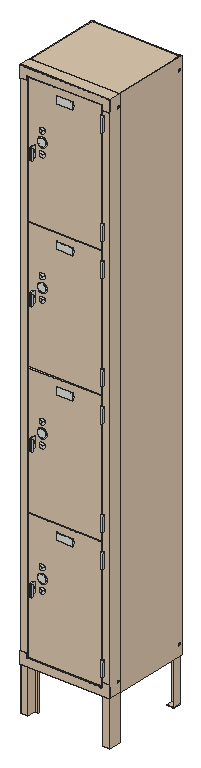
Revit family "Metal_Vented_Lockers-Salsbury_Industries-74000_Series-1_Wide_Units", category Specialty Equipment, Revit 2026
Family settings
  Round Connector Dimension = Use Diameter
  Part Type = Normal
  Classification Number = 23.40.00.00
  Work Plane-Based = No
  Enable Cutting in Views = No
  Always vertical = Yes
  Cut with Voids When Loaded = No
  Maintain Annotation Orientation = No
  Shared = No
  Room Calculation Point = No
Parameters (values of type "74162 - with Standard 6" High Legs")
  Zee Base Corner - Right Side [instance] = Metal Locker Zee Base Corner : None
  Zee Base Corner - Left Side [instance] = Metal Locker Zee Base Corner : None
  Zee Base - Right Side [instance] = Metal Locker Zee Base-Right Side : None
  Zee Base - Left Side [instance] = Metal Locker Zee Base-Left Side : None
  Zee Base = Metal Locker Zee Base : None
  Width = 12.040"
  Version = "2.0 (01/30/18)"
  Vent Offset = if(Depth = 12.010", 3.250", if(Depth = 15.010", 3.500", if(Depth = 18.010", 3.750", 0.000")))  # 3.250"
  Vent Configuration Height = Vents : 6 foot high vents
  Vent Array Spacing = 1.187"
  Vent Array 2 = if(Depth = 12.010", 5, if(Depth = 15.010", 7, if(Depth = 18.010", 9, 0)))  # 5
  Vent Array 1 = Vent Array 2 + 1  # 6
  Unit Height including Sloping Hood Only [instance] = 78.625"
  Unit Height = 72.000"
  URL = "www.lockers.com"
  Type Comments = "12\" Wide Vented Metal Locker - Four Tier"
  Total Door(s) Height [instance] = 69.81949"
  Test Data = "https://www.lockers.com/videolibrary/"
  Specification = "https://www.lockers.com/architect-resources//"
  Sloping Top In-Line Filler - Right Side [instance] = Metal Locker Sloping Top Filler : None
  Sloping Top In-Line Filler - Left Side [instance] = Metal Locker Sloping Top Filler : None
  Sloping Top Corner Filler - Right Side [instance] = Metal Locker Sloping Corner Filler : None
  Sloping Top Corner Filler - Left Side [instance] = Metal Locker Sloping Corner Filler : None
  Sloping Hood Height = if(Depth = 12.010", 6.625", if(Depth = 15.010", 8.682", if(Depth = 18.010", 10.739", 0.000")))  # 6.625"
  Sloping Hood [instance] = Metal Locker Sloping Hood : None
  Sales Information = "https://www.lockers.com/request_a_quote/"
  Right Side Base [instance] = Metal Locker Right Side Base : None
  Revision = "R1_2018-10"
  Product Data = "https://www.lockers.com/downloads__catalog/"
  Primary Structure Material [instance] = Steel - Salsbury Finish = Tan
  Overall Width including Rivets [instance] = 12.120"
  Unit Height including Base Only [instance] = 78.000"
  Overall Unit Height (including Base and Sloping Hood) [instance] = 84.625"
  OmniClass 23 Title = "Equipment and Furnishings"
  OmniClass 23 Number = "23.40.00.00"
  Model = "74162"
  MasterFormat Title = "Lockers"
  MasterFormat Number = "10 51 13"
  Manufacturer Website = "https://www.lockers.com/"
  Manufacturer Phone - Toll Free = "1-800-562-5377"
  Manufacturer Phone = "(323) 846-6700"
  Manufacturer Fax = "1-800-562-5399"
  Manufacturer Address = "1010 East 62nd Street, Los Angeles, CA 90001-1598"
  Manufacturer = "Salsbury Industries"
  Left Side Base [instance] = Metal Locker Left Side Base : None
  Keynote = "10 51 00"
  Installation-Fabrication = "https://www.lockers.com/downloads__installation_instructions/"
  Individual Door Height = 17.360"
  Hasp Plate Rivet Material = Steel -Salsbury Finish =  Polished Steel
  Hasp Handle Material = Plastic - Salsbury Finish - Black
  Green Building-LEED = "https://www.arcat.com/green/green_building.shtml"
  Front Vertical Filler - Right [instance] = Metal Locker Front Filler : None
  Front Vertical Filler - Left [instance] = Metal Locker Front Filler : None
  Front Base [instance] = Metal Locker Front Base : None
  Flat Top In-Line Filler - Right Side [instance] = Metal Locker Flat Top Filler : None
  Flat Top In-Line Filler - Left Side [instance] = Metal Locker Flat Top Filler : None
  Flat Top Corner Filler - Right Side [instance] = Metal Locker Flat Corner Filler : None
  Flat Top Corner Filler - Left Side [instance] = Metal Locker Flat Corner Filler : None
  Individual Door Width [instance] = 9.90055"
  End Panel - Right Side [instance] = Metal Locker End Panel : None
  End Panel - Left Side [instance] = Metal Locker End Panel : None
  Drawn By = ""
  Door Location D1 = Vented Metal Locker Doors-12 inch with Latch Hasps : Four Tier Door - 6 foot
  Description = "1 Wide - 6 Feet High - 12 Inches Deep"
  Depth = 12.010"
  Default Elevation = 0.000"
  Copyright = ""
  Construction Details = "https://www.lockers.com/downloads__catalog/"
  Compartment Divider Height = Individual Door Height - 0.375"  # 16.985"
  Category = ""
  Building Codes = "https://www.lockers.com/downloads__forms_and_information/"
  Base Height = 6.000"
  Standard Leg Base = Metal Locker Legs : 6" High - 12" W x 12" D
  Assembly Code = "C1030310"
Reference planes (in)
  plane 1 "Center (Front/Back)": y = 0
  plane 2: z = 0
  plane 3 "Center (Left/Right)": x = 0
  plane 4 "Floor": z = 0
  plane 5 "Bottom of Unit": z = 6
  plane 6 "Top of Unit": z = 78
  plane 7 "Left Side of Unit": x = -6.02
  plane 8 "Right Side of Unit": x = 6.02
  plane 9 "Back of Unit": y = 6.005
  plane 10 "Front of Unit": y = -6.005
  plane 11 "Top of Sloping Hood": z = 84.625
  plane 12 "Left Rivet": x = -6.06
  plane 13 "Right Rivet": x = 6.06
  plane 14 "Right Side of Door Opening": x = 5.02
  plane 15 "Left Side of Door Opening": x = -5.02
  plane 16 "Top of Door Opening": z = 77
  plane 17 "Bottom of Door Opening": z = 7
  plane 18 "Back Edge of Front Facing": y = -4.417
  plane 19 "Front Plate Plane": y = -6.065
  plane 20 "Horizontal Center of Top Rivets": z = 76.5
  plane 21 "Horiz Center of Bottom Rivets": z = 7.5
  plane 22 "Vertical Center of Back Rivets": y = 5.505
  plane 23 "Vertical Center of Front Rivets": y = -4.755
  plane 24 "Right Align Top Filler Overlap": x = 5.435
  plane 25 "Left Align Top Filler Overlap": x = -5.435
  plane 26 "Corner Filler Align-Left": x = -6.08
  plane 27 "Corner Filler Align-Right": x = 6.08
  plane 28 "Left Side of Door": x = -4.95029
  plane 29 "Right Side of Door": x = 4.95026
  plane 30 "Top of Door 1": z = 76.90976
  plane 31 "Bottom of Bottom Door": z = 7.09027
  plane 32 "Zee Base Offset": x = -5.669
  plane 33: x = 5.669
  plane 34 "Compartment Align 3": z = 24.985
  plane 35: x = -5.96
  plane 36: x = 5.96
  plane 37: x = -5.635
  plane 38: x = 5.635
  plane 39: y = 5.945
  plane 40: y = 5.895
  plane 41: y = 5.145
  plane 42: x = -5.9
  plane 43: x = 5.9
  plane 44: x = -5.095
  plane 45: x = 5.095
  plane 46: z = 77.94
  plane 47: z = 24.925
  plane 48: z = 23.985
  plane 49: z = 6.9204
  plane 50: z = 6.18539
  plane 51: z = 76.40796
  plane 52: z = 7.59204
  plane 53: z = 23.985
  plane 54: z = 24.45027
  plane 55: z = 24.57576
  plane 56: z = 41.93576
  plane 57: z = 42.06276
  plane 58: z = 41.43527
  plane 59: z = 42.37527
  plane 60 "Compartment Align 2": z = 42.43527
  plane 61: z = 53.72076
  plane 62: z = 59.42276
  plane 63: z = 59.54976
  plane 64: z = 58.92076
  plane 65: z = 59.86076
  plane 66 "Compartment Align 1": z = 59.92076
  plane 67: z = 71.20625
  plane 68 "Front Vent Align": y = -2.755
  plane 69: y = -2.385
  plane 70: y = -1.791
  plane 71 "Top Vent Align": z = 73.562
  plane 72: z = 72.81
  plane 73: z = 71.97
Forms (in)
  Sweep 1, solid, material "Steel - Salsbury Finish = Tan" <- "Primary Structure Material"
    path origin (0, -6.005, 0) x (1, 0, 0) y (0, 0, 1)
      loop
        line (-6.02, 78) -> (-6.02, 6) -> (6.02, 6) -> (6.02, 78) -> (-6.02, 78)
    profile origin (0, -6.005, 78) x (0, 0, 1) y (0, -1, 0)
      loop
        line (0, 0) -> (-1, 0) -> (-1, -1.588) -> (0, -1.588) -> (0, 0)
  Extrusion 2, solid, material "Steel - Salsbury Finish = Tan" <- "Primary Structure Material"
    sketch origin (0, 0, 6) x (0, -1, 0) y (1, 0, 0)
      loop
        line (4.417, 6.02) -> (-6.005, 6.02) -> (-6.005, 5.635) -> (-5.945, 5.635) -> (-5.945, 5.96) -> (4.417, 5.96) -> (4.417, 6.02)
    from 0 to 72
  Extrusion 3, solid, material "Steel - Salsbury Finish = Tan" <- "Primary Structure Material"
    sketch origin (0, 0, 6) x (0, -1, 0) y (1, 0, 0)
      loop
        line (4.417, -6.02) -> (4.417, -5.96) -> (-5.945, -5.96) -> (-5.945, -5.635) -> (-6.005, -5.635) -> (-6.005, -6.02) -> (4.417, -6.02)
    from 0 to 72
  Extrusion 4, solid, material "Steel - Salsbury Finish = Tan" <- "Primary Structure Material"
    sketch origin (0, 0, 6) x (0, -1, 0) y (1, 0, 0)
      loop
        line (-5.945, -5.96) -> (-5.145, -5.96) -> (-5.145, -5.9) -> (-5.895, -5.9) -> (-5.895, 5.9) -> (-5.145, 5.9) -> (-5.145, 5.96) -> (-5.945, 5.96) -> (-5.945, -5.96)
    from 0 to 72
  Sweep 5, solid, material "Steel - Salsbury Finish = Tan" <- "Primary Structure Material"
    path origin (0, 0, 7) x (0, -1, 0) y (1, 0, 0)
      loop
        line (4.417, -5.96) -> (4.417, 5.96) -> (-5.145, 5.96) -> (-5.145, 5.9) -> (-5.895, 5.9) -> (-5.895, -5.9) -> (-5.145, -5.9) -> (-5.145, -5.96) -> (4.417, -5.96)
    profile origin (-5.96, 0.364, 7) x (-1, 0, 0) y (0, 0, 1)
      loop
        line (0, -0.81461) -> (0, -0.0796) -> (-0.06, -0.0796) -> (-0.06, -0.81461) -> (0, -0.81461)
  Extrusion 6, solid, material "Steel - Salsbury Finish = Tan" <- "Primary Structure Material"
    sketch origin (0, 0, 7) x (0, -1, 0) y (1, 0, 0)
      loop
        line (-5.895, -5.9) -> (-5.145, -5.9) -> (-5.145, -5.96) -> (4.417, -5.96) -> (4.417, 5.96) -> (-5.145, 5.96) -> (-5.145, 5.9) -> (-5.895, 5.9) -> (-5.895, -5.9)
    from -0.0796 to 0
  Extrusion 7, solid, material "Steel - Salsbury Finish = Tan" <- "Primary Structure Material"
    sketch origin (0, 0, 78) x (0, -1, 0) y (1, 0, 0)
      loop
        line (-5.895, -5.9) -> (-5.145, -5.9) -> (-5.145, -5.96) -> (4.417, -5.96) -> (4.417, 5.96) -> (-5.145, 5.96) -> (-5.145, 5.9) -> (-5.895, 5.9) -> (-5.895, -5.9)
    from -0.06 to 0
  Extrusion 8, solid, material "Steel - Salsbury Finish = Tan" <- "Primary Structure Material"
    sketch origin (0, -6.065, 0) x (0, 0, -1) y (1, 0, 0)
      loop
        line (-78, -6.02) -> (-76.47656, -6.02)
        arc (-76.47656, -6.02) -> (-76.42806, -5.99991) -> (-76.40796, -5.9514) r 0.0686
        line (-76.40796, -5.9514) -> (-76.40796, -5.16351)
        arc (-76.40796, -5.16351) -> (-76.42809, -5.11506) -> (-76.47656, -5.095) r 0.0686
        line (-76.47656, -5.095) -> (-77, -5.095) -> (-77, 5.095) -> (-76.47656, 5.095)
        arc (-76.47656, 5.095) -> (-76.42809, 5.11506) -> (-76.40796, 5.16351) r 0.0686
        line (-76.40796, 5.16351) -> (-76.40796, 5.9514)
        arc (-76.40796, 5.9514) -> (-76.42806, 5.99991) -> (-76.47656, 6.02) r 0.0686
        line (-76.47656, 6.02) -> (-78, 6.02) -> (-78, -6.02)
    from -0.06 to 0
  Extrusion 9, solid, material "Steel - Salsbury Finish = Tan" <- "Primary Structure Material"
    sketch origin (0, -6.065, 84) x (0, 0, 1) y (-1, 0, 0)
      loop
        line (-78, 6.02) -> (-78, -6.02) -> (-76.47656, -6.02)
        arc (-76.47656, -6.02) -> (-76.42806, -5.99991) -> (-76.40796, -5.9514) r 0.0686
        line (-76.40796, -5.9514) -> (-76.40796, -5.16351)
        arc (-76.40796, -5.16351) -> (-76.42809, -5.11506) -> (-76.47656, -5.095) r 0.0686
        line (-76.47656, -5.095) -> (-77, -5.095) -> (-77, 5.095) -> (-76.47656, 5.095)
        arc (-76.47656, 5.095) -> (-76.42809, 5.11506) -> (-76.40796, 5.16351) r 0.0686
        line (-76.40796, 5.16351) -> (-76.40796, 5.9514)
        arc (-76.40796, 5.9514) -> (-76.42806, 5.99991) -> (-76.47656, 6.02) r 0.0686
        line (-76.47656, 6.02) -> (-78, 6.02)
    from -0.06 to 0
  Blend 10, solid, material "Steel -Salsbury Finish =  Polished Steel" <- "Hasp Plate Rivet Material"
    base sketch origin (6.02, 0, 0) x (0, 0, -1) y (0, -1, 0)
      loop
        circle (-76.5, 4.755) r 0.187
    top sketch origin (6.02, 0, 0) x (0, 0, -1) y (0, -1, 0)
      loop
        circle (-76.5, 4.755) r 0.05319
    from 0 to -0.04
  Blend 11, solid, material "Steel -Salsbury Finish =  Polished Steel" <- "Hasp Plate Rivet Material"
    base sketch origin (6.02, 0, -69) x (0, 0, -1) y (0, -1, 0)
      loop
        circle (-76.5, 4.755) r 0.187
    top sketch origin (6.02, 0, -69) x (0, 0, -1) y (0, -1, 0)
      loop
        circle (-76.5, 4.755) r 0.05319
    from 0 to -0.04
  Blend 12, solid, material "Steel -Salsbury Finish =  Polished Steel" <- "Hasp Plate Rivet Material"
    base sketch origin (6.02, 10.26, -69) x (0, 0, -1) y (0, -1, 0)
      loop
        circle (-76.5, 4.755) r 0.187
    top sketch origin (6.02, 10.26, -69) x (0, 0, -1) y (0, -1, 0)
      loop
        circle (-76.5, 4.755) r 0.05319
    from 0 to -0.04
  Blend 13, solid, material "Steel -Salsbury Finish =  Polished Steel" <- "Hasp Plate Rivet Material"
    base sketch origin (6.02, 10.26, 0.0043) x (0, 0, -1) y (0, -1, 0)
      loop
        circle (-76.5, 4.755) r 0.187
    top sketch origin (6.02, 10.26, 0.0043) x (0, 0, -1) y (0, -1, 0)
      loop
        circle (-76.5, 4.755) r 0.05319
    from 0 to -0.04
  Blend 14, solid, material "Steel -Salsbury Finish =  Polished Steel" <- "Hasp Plate Rivet Material"
    base sketch origin (-6.02, 0, -69) x (0, 0, -1) y (0, 1, 0)
      loop
        circle (-76.5, -4.755) r 0.187
    top sketch origin (-6.02, 0, -69) x (0, 0, -1) y (0, 1, 0)
      loop
        circle (-76.5, -4.755) r 0.05319
    from 0 to -0.04
  Blend 15, solid, material "Steel -Salsbury Finish =  Polished Steel" <- "Hasp Plate Rivet Material"
    base sketch origin (-6.02, 10.26, -69) x (0, 0, -1) y (0, 1, 0)
      loop
        circle (-76.5, -4.755) r 0.187
    top sketch origin (-6.02, 10.26, -69) x (0, 0, -1) y (0, 1, 0)
      loop
        circle (-76.5, -4.755) r 0.05319
    from 0 to -0.04
  Blend 16, solid, material "Steel -Salsbury Finish =  Polished Steel" <- "Hasp Plate Rivet Material"
    base sketch origin (-6.02, 0, 0) x (0, 0, -1) y (0, 1, 0)
      loop
        circle (-76.5, -4.755) r 0.187
    top sketch origin (-6.02, 0, 0) x (0, 0, -1) y (0, 1, 0)
      loop
        circle (-76.5, -4.755) r 0.05319
    from 0 to -0.04
  Blend 17, solid, material "Steel -Salsbury Finish =  Polished Steel" <- "Hasp Plate Rivet Material"
    base sketch origin (-6.02, 10.26, 0.00039) x (0, 0, -1) y (0, 1, 0)
      loop
        circle (-76.5, -4.755) r 0.187
    top sketch origin (-6.02, 10.26, 0.00039) x (0, 0, -1) y (0, 1, 0)
      loop
        circle (-76.5, -4.755) r 0.05319
    from 0 to -0.04
  Extrusion 18, solid, material "Steel - Salsbury Finish = Tan" <- "Primary Structure Material"
    sketch origin (0, 0, 24.985) x (0, -1, 0) y (1, 0, 0)
      loop
        line (-5.895, -5.9) -> (-5.145, -5.9) -> (-5.145, -5.96) -> (4.417, -5.96) -> (4.417, 5.96) -> (-5.145, 5.96) -> (-5.145, 5.9) -> (-5.895, 5.9) -> (-5.895, -5.9)
    from -0.06 to 0
  Sweep 19, solid, material "Steel - Salsbury Finish = Tan" <- "Primary Structure Material"
    path origin (0, 0, 24.985) x (0, -1, 0) y (1, 0, 0)
      loop
        line (4.417, -5.96) -> (4.417, 5.96) -> (-5.145, 5.96) -> (-5.145, 5.9) -> (-5.895, 5.9) -> (-5.895, -5.9) -> (-5.145, -5.9) -> (-5.145, -5.96) -> (4.417, -5.96)
    profile origin (-5.96, 0.364, 24.985) x (-1, 0, 0) y (0, 0, 1)
      loop
        line (0, -1) -> (0, -0.06) -> (-0.06, -0.06) -> (-0.06, -1) -> (0, -1)
  Extrusion 20, solid, material "Steel - Salsbury Finish = Tan" <- "Primary Structure Material"
    sketch origin (0, 0, 54.72076) x (0, -1, 0) y (1, 0, 0)
      loop
        line (-5.895, -5.9) -> (-5.145, -5.9) -> (-5.145, -5.96) -> (4.417, -5.96) -> (4.417, 5.96) -> (-5.145, 5.96) -> (-5.145, 5.9) -> (-5.895, 5.9) -> (-5.895, -5.9)
    from -12.34549 to -12.28549
  Sweep 21, solid, material "Steel - Salsbury Finish = Tan" <- "Primary Structure Material"
    path origin (0, 0, 42.43527) x (0, -1, 0) y (1, 0, 0)
      loop
        line (4.417, -5.96) -> (4.417, 5.96) -> (-5.145, 5.96) -> (-5.145, 5.9) -> (-5.895, 5.9) -> (-5.895, -5.9) -> (-5.145, -5.9) -> (-5.145, -5.96) -> (4.417, -5.96)
    profile origin (-5.96, 0.364, 42.43527) x (-1, 0, 0) y (0, 0, 1)
      loop
        line (0, -1) -> (0, -0.06) -> (-0.06, -0.06) -> (-0.06, -1) -> (0, -1)
  Extrusion 22, solid, material "Steel - Salsbury Finish = Tan" <- "Primary Structure Material"
    sketch origin (0, 0, 59.92076) x (0, -1, 0) y (1, 0, 0)
      loop
        line (-5.895, -5.9) -> (-5.145, -5.9) -> (-5.145, -5.96) -> (4.417, -5.96) -> (4.417, 5.96) -> (-5.145, 5.96) -> (-5.145, 5.9) -> (-5.895, 5.9) -> (-5.895, -5.9)
    from -0.06 to 0
  Sweep 23, solid, material "Steel - Salsbury Finish = Tan" <- "Primary Structure Material"
    path origin (0, 0, 59.92076) x (0, -1, 0) y (1, 0, 0)
      loop
        line (4.417, -5.96) -> (4.417, 5.96) -> (-5.145, 5.96) -> (-5.145, 5.9) -> (-5.895, 5.9) -> (-5.895, -5.9) -> (-5.145, -5.9) -> (-5.145, -5.96) -> (4.417, -5.96)
    profile origin (-5.96, 0.364, 59.92076) x (-1, 0, 0) y (0, 0, 1)
      loop
        line (0, -1) -> (0, -0.06) -> (-0.06, -0.06) -> (-0.06, -1) -> (0, -1)
Lines and regions (in)
  reference lines
    curve 1: line (-29.59242, -6.065, 78) -> (36.15758, -6.065, 78)
  symbolic lines
    curve 2: line (-6.02, 6.005, 78) -> (6.02, 6.005, 78)
    curve 3: line (-6.02, -6.065, 78) -> (-6.02, 6.005, 78)
    curve 4: line (6.02, -6.065, 78) -> (-6.02, -6.065, 78)
    curve 5: line (6.02, 6.005, 78) -> (6.02, -6.065, 78)
    curve 6: line (-6.06, -4.80819, 78) -> (-6.02, -4.91809, 78)
    curve 7: line (-6.02, -4.58043, 78) -> (-6.06, -4.70181, 78)
    curve 8: line (-6.06, -4.80819, 78) -> (-6.06, -4.70181, 78)
    curve 9: line (-6.06, 5.45181, 78) -> (-6.02, 5.31077, 78)
    curve 10: line (-6.06, 5.55819, 78) -> (-6.02, 5.68474, 78)
    curve 11: line (-6.06, 5.55819, 78) -> (-6.06, 5.45181, 78)
    curve 12: line (6.06, 5.55819, 78) -> (6.02, 5.70747, 78)
    curve 13: line (6.06, 5.45181, 78) -> (6.02, 5.3179, 78)
    curve 14: line (6.06, 5.55819, 78) -> (6.06, 5.45181, 78)
    curve 15: line (6.06, -4.70181, 78) -> (6.02, -4.57098, 78)
    curve 16: line (6.06, -4.80819, 78) -> (6.02, -4.94769, 78)
    curve 17: line (6.06, -4.70181, 78) -> (6.06, -4.80819, 78)
Dimensions and locks (in)
  equal spacing: plane 7 "Left Side of Unit", plane 3 "Center (Left/Right)", plane 8 "Right Side of Unit"
  "Width": plane 7 "Left Side of Unit" to plane 8 "Right Side of Unit"
  "Base Height": plane 5 "Bottom of Unit" to plane 4 "Floor"
  "Unit Height": plane 6 "Top of Unit" to plane 5 "Bottom of Unit"
  "Unit Height including Base Only": plane 6 "Top of Unit" to plane 4 "Floor"
  equal spacing: plane 10 "Front of Unit", plane 1 "Center (Front/Back)", plane 9 "Back of Unit"
  "Depth": plane 10 "Front of Unit" to plane 9 "Back of Unit"
  "Sloping Hood Height": plane 11 "Top of Sloping Hood" to plane 6 "Top of Unit"
  "Overall Unit Height (including Base and Sloping Hood)": plane 11 "Top of Sloping Hood" to plane 4 "Floor"
  locked: plane 12 "Left Rivet" to plane 7 "Left Side of Unit" at 0.04
  locked: plane 8 "Right Side of Unit" to plane 13 "Right Rivet" at 0.04
  "Overall Width including Rivets": plane 12 "Left Rivet" to plane 13 "Right Rivet"
  plane 6 "Top of Unit" to plane 16 "Top of Door Opening" to plane 30 "Top of Door 1" to plane 51 = 1.000" locked, 0.09024", 0.5018"
  plane 52 to plane 31 "Bottom of Bottom Door" to plane 17 "Bottom of Door Opening" to plane 5 "Bottom of Unit" = 0.50177", 0.09027", 1.000" locked
  plane 7 "Left Side of Unit" to plane 15 "Left Side of Door Opening" to plane 28 "Left Side of Door" = 1.000" locked, 0.06971"
  plane 29 "Right Side of Door" to plane 14 "Right Side of Door Opening" to plane 8 "Right Side of Unit" = 0.06974", 1.000" locked
  plane 19 "Front Plate Plane" to plane 10 "Front of Unit" to plane 18 "Back Edge of Front Facing" = 0.060" locked, 1.588" locked
  "Unit Height including Sloping Hood Only": plane 11 "Top of Sloping Hood" to plane 5 "Bottom of Unit"
  locked: plane 20 "Horizontal Center of Top Rivets" to plane 6 "Top of Unit" at 1.5
  locked: plane 5 "Bottom of Unit" to plane 21 "Horiz Center of Bottom Rivets" at 1.5
  locked: plane 22 "Vertical Center of Back Rivets" to plane 9 "Back of Unit" at 0.5
  locked: plane 10 "Front of Unit" to plane 23 "Vertical Center of Front Rivets" at 1.25
  locked: plane 24 "Right Align Top Filler Overlap" to plane 13 "Right Rivet" at 0.625
  locked: plane 12 "Left Rivet" to plane 25 "Left Align Top Filler Overlap" at 0.625
  locked: plane 8 "Right Side of Unit" to plane 27 "Corner Filler Align-Right" at 0.06
  locked: plane 26 "Corner Filler Align-Left" to plane 7 "Left Side of Unit" at 0.06
  "Individual Door Width": plane 28 "Left Side of Door" to plane 29 "Right Side of Door"
  "Total Door(s) Height": plane 30 "Top of Door 1" to plane 31 "Bottom of Bottom Door"
  plane 7 "Left Side of Unit" to plane 32 "Zee Base Offset" = 0.351"
  plane 33 to plane 8 "Right Side of Unit" = 0.351"
  plane 34 "Compartment Align 3" to plane 47 to plane 53 = 0.060" locked, 0.940" locked
  plane 7 "Left Side of Unit" to plane 35 to plane 42 to plane 37 = 0.060" locked, 0.060" locked, 0.265" locked
  plane 38 to plane 43 to plane 36 to plane 8 "Right Side of Unit" = 0.265" locked, 0.060", 0.060"
  plane 41 to plane 40 to plane 39 to plane 9 "Back of Unit" = 0.750" locked, 0.050", 0.060"
  locked: plane 7 "Left Side of Unit" to plane 44 at 0.925
  locked: plane 45 to plane 8 "Right Side of Unit" at 0.925
  locked: plane 6 "Top of Unit" to plane 46 at 0.06
  plane 47 to plane 48 = 0.940"
  locked: plane 17 "Bottom of Door Opening" to plane 49 at 0.0796
  plane 49 to plane 50 = 0.73501"
  "Compartment Divider Height": plane 53 to plane 17 "Bottom of Door Opening"
  "Individual Door Height": plane 54 to plane 31 "Bottom of Bottom Door"
  locked: plane 55 to plane 54 at 0.12549
  locked: plane 57 to plane 56 at 0.127
  "Individual Door Height": plane 56 to plane 55
  plane 60 "Compartment Align 2" to plane 59 to plane 58 = 0.060" locked, 0.940" locked
  locked: plane 63 to plane 62 at 0.127
  "Individual Door Height": plane 62 to plane 57
  "Compartment Divider Height": plane 58 to plane 54
  "Compartment Divider Height": plane 64 to plane 56
  plane 66 "Compartment Align 1" to plane 65 to plane 64 = 0.060", 0.940"
  plane 71 "Top Vent Align" to plane 6 "Top of Unit" = 4.438"
  plane 73 to plane 72 to plane 71 "Top Vent Align" = 0.840", 0.752"
  "Vent Offset": plane 10 "Front of Unit" to plane 68 "Front Vent Align"
  plane 68 "Front Vent Align" to plane 69 to plane 70 = 0.370" locked, 0.594" locked
  equal spacing: group 1, group 2, group 3, group 4, group 5, group 6  (x3)
  equal spacing: group 7, group 8, group 9, group 10, group 11  (x3)
  "Vent Array Spacing": nested 27 to nested 29
  "Vent Array Spacing": nested 28 to nested 34
  equal spacing: group 12, group 13, group 14, group 15, group 16, group 22  (x3)
  equal spacing: group 17, group 18, group 19, group 20, group 21  (x3)
  "Vent Array Spacing": nested 40 to nested 38
  "Vent Array Spacing": nested 44 to nested 39
  aligned and locked: level to plane 2
  aligned and locked: Extrusion 2 to plane 6 "Top of Unit"
  aligned and locked: Extrusion 3 to plane 6 "Top of Unit"
  aligned and locked: Extrusion 4 to plane 6 "Top of Unit"
  aligned and locked: Extrusion 8 to plane 10 "Front of Unit"
  aligned and locked: Extrusion 9 to plane 10 "Front of Unit"
  aligned and locked: Extrusion 6 to plane 17 "Bottom of Door Opening"
  aligned and locked: plane 4 "Floor" to nested 2
  aligned and locked: plane 5 "Bottom of Unit" to Extrusion 9
  aligned and locked: plane 8 "Right Side of Unit" to nested 6
  aligned and locked: plane 7 "Left Side of Unit" to nested 7
  aligned and locked: Blend 10 to plane 13 "Right Rivet"
  aligned and locked: plane 8 "Right Side of Unit" to Blend 10
  aligned and locked: Blend 15 to plane 7 "Left Side of Unit"
  aligned and locked: Blend 14 to plane 7 "Left Side of Unit"  (x2)
  aligned and locked: plane 12 "Left Rivet" to Blend 14
  aligned and locked: plane 12 "Left Rivet" to Blend 15
  aligned and locked: Blend 14 to plane 12 "Left Rivet"
  aligned and locked: Blend 17 to plane 7 "Left Side of Unit"
  aligned and locked: plane 12 "Left Rivet" to Blend 17
  aligned and locked: Blend 16 to plane 7 "Left Side of Unit"
  aligned and locked: plane 12 "Left Rivet" to Blend 16
  aligned and locked: plane 5 "Bottom of Unit" to nested 10
  aligned and locked: plane 13 "Right Rivet" to nested 10
  aligned and locked: plane 12 "Left Rivet" to nested 11
  aligned and locked: nested 11 to plane 10 "Front of Unit"
  aligned and locked: plane 13 "Right Rivet" to nested 12
  aligned and locked: plane 10 "Front of Unit" to nested 12
  aligned and locked: plane 6 "Top of Unit" to nested 12
  aligned and locked: plane 12 "Left Rivet" to nested 13
  aligned and locked: plane 10 "Front of Unit" to nested 13
  aligned and locked: plane 6 "Top of Unit" to nested 13
  aligned and locked: plane 6 "Top of Unit" to nested 14
  aligned and locked: nested 14 to plane 19 "Front Plate Plane"
  aligned and locked: nested 14 to plane 24 "Right Align Top Filler Overlap"
  aligned and locked: nested 15 to plane 25 "Left Align Top Filler Overlap"
  aligned and locked: nested 15 to plane 19 "Front Plate Plane"
  aligned and locked: nested 10 to nested 15
  aligned and locked: plane 19 "Front Plate Plane" to nested 16
  aligned and locked: plane 6 "Top of Unit" to nested 16
  aligned and locked: nested 17 to plane 6 "Top of Unit"
  aligned and locked: nested 17 to plane 19 "Front Plate Plane"
  aligned and locked: plane 19 "Front Plate Plane" to nested 18
  aligned and locked: nested 19 to plane 24 "Right Align Top Filler Overlap"
  aligned and locked: nested 19 to plane 19 "Front Plate Plane"
  aligned and locked: plane 16 "Top of Door Opening" to nested 19
  aligned and locked: nested 20 to plane 16 "Top of Door Opening"
  aligned and locked: nested 20 to plane 25 "Left Align Top Filler Overlap"
  aligned and locked: nested 20 to plane 19 "Front Plate Plane"
  aligned and locked: nested 11 to plane 6 "Top of Unit"
  aligned and locked: plane 10 "Front of Unit" to nested 10
  aligned and locked: plane 10 "Front of Unit" to nested 23
  aligned and locked: plane 10 "Front of Unit" to nested 1
  aligned and locked: plane 10 "Front of Unit" to nested 2
  aligned and locked: plane 6 "Top of Unit" to nested 18
  aligned and locked: plane 7 "Left Side of Unit" to nested 17
  aligned and locked: plane 32 "Zee Base Offset" to nested 9
  aligned and locked: plane 18 "Back Edge of Front Facing" to nested 9
  aligned and locked: nested 8 to plane 18 "Back Edge of Front Facing"
  aligned and locked: plane 33 to nested 8
  aligned and locked: plane 8 "Right Side of Unit" to nested 21
  aligned and locked: nested 22 to plane 7 "Left Side of Unit"
  aligned and locked: nested 22 to curve 1
  aligned and locked: nested 21 to curve 1
  aligned and locked: Sweep 19 sketch curve to Extrusion 18
  aligned and locked: plane 7 "Left Side of Unit" to Extrusion 3
  aligned and locked: Extrusion 3 to plane 9 "Back of Unit"
  aligned and locked: Extrusion 2 to plane 8 "Right Side of Unit"
  aligned and locked: Extrusion 2 to plane 9 "Back of Unit"
  aligned and locked: plane 18 "Back Edge of Front Facing" to Extrusion 3
  aligned and locked: plane 18 "Back Edge of Front Facing" to Extrusion 2
  aligned and locked: plane 35 to Extrusion 3
  aligned and locked: plane 36 to Extrusion 2
  aligned and locked: plane 37 to Extrusion 3
  aligned and locked: plane 38 to Extrusion 2
  aligned and locked: plane 39 to Extrusion 3
  aligned and locked: plane 39 to Extrusion 2
  aligned and locked: Extrusion 4 to plane 39
  aligned and locked: plane 40 to Extrusion 4
  aligned and locked: plane 35 to Extrusion 4
  aligned and locked: plane 41 to Extrusion 4  (x2)
  aligned and locked: plane 42 to Extrusion 4
  aligned and locked: plane 43 to Extrusion 4
  aligned and locked: Extrusion 7 to plane 40
  aligned and locked: plane 42 to Extrusion 7
  aligned and locked: plane 35 to Extrusion 7  (x2)
  aligned and locked: Extrusion 7 to plane 41  (x2)
  aligned and locked: Extrusion 7 to plane 43
  aligned and locked: Extrusion 7 to plane 36  (x2)
  aligned and locked: plane 18 "Back Edge of Front Facing" to Extrusion 7
  aligned and locked: plane 18 "Back Edge of Front Facing" to Extrusion 6
  aligned and locked: Extrusion 6 to plane 40
  aligned and locked: Extrusion 6 to plane 43
  aligned and locked: Extrusion 6 to plane 41  (x2)
  aligned and locked: Extrusion 6 to plane 36
  aligned and locked: plane 42 to Extrusion 6
  aligned and locked: plane 35 to Extrusion 6
  aligned and locked: Sweep 5 to plane 40
  aligned and locked: Sweep 5 to plane 41  (x2)
  aligned and locked: Sweep 5 to plane 43
  aligned and locked: Sweep 5 to plane 36
  aligned and locked: plane 18 "Back Edge of Front Facing" to Sweep 5
  aligned and locked: plane 35 to Sweep 5
  aligned and locked: plane 42 to Sweep 5
  aligned and locked: Sweep 5 sketch curve to plane 42
  aligned and locked: plane 40 to Sweep 5 sketch curve
  aligned and locked: plane 41 to Sweep 5 sketch curve  (x2)
  aligned and locked: Sweep 5 sketch curve to plane 35  (x2)
  aligned and locked: plane 43 to Sweep 5 sketch curve
  aligned and locked: plane 36 to Sweep 5 sketch curve
  aligned and locked: Sweep 5 sketch curve to plane 18 "Back Edge of Front Facing"
  aligned and locked: Extrusion 18 to plane 40
  aligned and locked: Extrusion 18 to plane 43
  aligned and locked: Extrusion 18 to plane 41  (x2)
  aligned and locked: Extrusion 18 to plane 36
  aligned and locked: plane 18 "Back Edge of Front Facing" to Extrusion 18
  aligned and locked: plane 35 to Extrusion 18
  aligned and locked: plane 42 to Extrusion 18
  aligned and locked: plane 40 to Sweep 19 sketch curve
  aligned and locked: plane 43 to Sweep 19 sketch curve
  aligned and locked: plane 41 to Sweep 19 sketch curve  (x2)
  aligned and locked: plane 36 to Sweep 19 sketch curve
  aligned and locked: Sweep 19 sketch curve to plane 18 "Back Edge of Front Facing"
  aligned and locked: Sweep 19 sketch curve to plane 35  (x2)
  aligned and locked: Sweep 19 sketch curve to plane 42
  aligned and locked: plane 6 "Top of Unit" to Sweep 1 sketch curve  (x2)
  aligned and locked: Sweep 1 sketch curve to plane 7 "Left Side of Unit"
  aligned and locked: plane 8 "Right Side of Unit" to Sweep 1 sketch curve
  aligned and locked: Sweep 1 sketch curve to plane 5 "Bottom of Unit"
  aligned and locked: plane 10 "Front of Unit" to Sweep 1
  aligned and locked: Extrusion 8 to plane 19 "Front Plate Plane"
  aligned and locked: plane 10 "Front of Unit" to Extrusion 8
  aligned and locked: Extrusion 8 to plane 8 "Right Side of Unit"
  aligned and locked: plane 7 "Left Side of Unit" to Extrusion 8
  aligned and locked: plane 7 "Left Side of Unit" to Extrusion 9
  aligned and locked: plane 19 "Front Plate Plane" to Extrusion 9
  aligned and locked: Extrusion 9 to plane 8 "Right Side of Unit"
  aligned and locked: plane 44 to Extrusion 9
  aligned and locked: plane 45 to Extrusion 9
  aligned and locked: plane 45 to Extrusion 8
  aligned and locked: Extrusion 8 to plane 44
  aligned and locked: plane 29 "Right Side of Door" to nested 23
  aligned and locked: plane 18 "Back Edge of Front Facing" to Sweep 1 sketch curve
  aligned and locked: Sweep 1 sketch curve to plane 16 "Top of Door Opening"
  aligned and locked: Sweep 1 sketch curve to plane 10 "Front of Unit"
  aligned and locked: plane 5 "Bottom of Unit" to Extrusion 4
  aligned and locked: Extrusion 4 to plane 36
  aligned and locked: plane 5 "Bottom of Unit" to Extrusion 3
  aligned and locked: plane 5 "Bottom of Unit" to Extrusion 2
  aligned and locked: Extrusion 7 to plane 6 "Top of Unit"
  aligned and locked: plane 46 to Extrusion 7
  aligned and locked: Extrusion 18 to plane 34 "Compartment Align 3"
  aligned and locked: plane 47 to Extrusion 18
  aligned and locked: plane 42 to Sweep 19 sketch curve
  aligned and locked: plane 48 to Sweep 19 sketch curve
  aligned and locked: plane 49 to Extrusion 6
  aligned and locked: Sweep 5 to plane 49
  aligned and locked: plane 50 to Sweep 5 sketch curve
  aligned and locked: plane 49 to Sweep 5 sketch curve
  aligned and locked: plane 42 to Sweep 5 sketch curve
  aligned and locked: plane 51 to Extrusion 8  (x2)
  aligned and locked: Extrusion 8 to plane 6 "Top of Unit"
  aligned and locked: plane 16 "Top of Door Opening" to Extrusion 8
  aligned and locked: Extrusion 9 to plane 17 "Bottom of Door Opening"
  aligned and locked: plane 52 to Extrusion 9
  aligned and locked: Extrusion 9 to plane 52
  aligned and locked: plane 4 "Floor" to nested 1
  aligned and locked: plane 8 "Right Side of Unit" to nested 1
  aligned and locked: Blend 12 to plane 13 "Right Rivet"
  aligned and locked: plane 8 "Right Side of Unit" to Blend 12
  aligned and locked: plane 8 "Right Side of Unit" to Blend 13
  aligned and locked: Blend 13 to plane 13 "Right Rivet"
  aligned and locked: plane 8 "Right Side of Unit" to Blend 11
  aligned and locked: Blend 11 to plane 13 "Right Rivet"
  aligned and locked: nested 22 to curve 3
  aligned and locked: curve 4 to Extrusion 8
  aligned and locked: curve 5 to Extrusion 8
  aligned and locked: curve 8 to Blend 14
  aligned and locked: curve 11 to Blend 15
  aligned and locked: curve 14 to Blend 12
  aligned and locked: curve 17 to Blend 10
  aligned and locked: plane 53 to Sweep 19
  aligned and locked: nested 23 to plane 31 "Bottom of Bottom Door"
  aligned and locked: plane 55 to nested 24
  aligned and locked: plane 10 "Front of Unit" to nested 24
  aligned and locked: plane 29 "Right Side of Door" to nested 24
  aligned and locked: plane 29 "Right Side of Door" to nested 25
  aligned and locked: nested 25 to plane 57
  aligned and locked: Sweep 21 sketch curve to Extrusion 20
  aligned and locked: Extrusion 20 to plane 60 "Compartment Align 2"
  aligned and locked: plane 59 to Sweep 21
  aligned and locked: Sweep 21 sketch curve to plane 58
  aligned and locked: Extrusion 20 sketch curve to plane 40
  aligned and locked: plane 35 to Extrusion 20 sketch curve
  aligned and locked: plane 42 to Extrusion 20 sketch curve
  aligned and locked: Extrusion 20 sketch curve to plane 41  (x2)
  aligned and locked: plane 18 "Back Edge of Front Facing" to Extrusion 20 sketch curve
  aligned and locked: Extrusion 20 sketch curve to plane 36
  aligned and locked: Extrusion 20 sketch curve to plane 43
  aligned and locked: plane 40 to Sweep 21 sketch curve
  aligned and locked: Sweep 21 sketch curve to plane 42
  aligned and locked: Sweep 21 sketch curve to plane 35
  aligned and locked: plane 41 to Sweep 21 sketch curve  (x2)
  aligned and locked: Sweep 21 sketch curve to plane 18 "Back Edge of Front Facing"
  aligned and locked: plane 36 to Sweep 21 sketch curve
  aligned and locked: plane 43 to Sweep 21 sketch curve
  aligned and locked: plane 63 to nested 26
  aligned and locked: plane 65 to Extrusion 22
  aligned and locked: Extrusion 22 to plane 66 "Compartment Align 1"
  aligned and locked: Sweep 23 sketch curve to plane 64
  aligned and locked: plane 65 to Sweep 23 sketch curve
  aligned and locked: Sweep 23 sketch curve to plane 35
  aligned and locked: plane 41 to Sweep 23 sketch curve  (x2)
  aligned and locked: Sweep 23 sketch curve to plane 42
  aligned and locked: plane 40 to Sweep 23 sketch curve
  aligned and locked: plane 43 to Sweep 23 sketch curve
  aligned and locked: plane 36 to Sweep 23 sketch curve
  aligned and locked: Sweep 23 sketch curve to plane 18 "Back Edge of Front Facing"
  aligned and locked: Extrusion 22 to nested 5  (x3)
  aligned and locked: Extrusion 22 to plane 41  (x2)
  aligned and locked: Extrusion 22 to Sweep 23  (x2)
  aligned and locked: plane 18 "Back Edge of Front Facing" to Extrusion 22
  aligned and locked: plane 29 "Right Side of Door" to nested 26
  aligned and locked: plane 10 "Front of Unit" to nested 26
  aligned and locked: plane 10 "Front of Unit" to nested 25
  aligned and locked: plane 9 "Back of Unit" to curve 2
  aligned and locked: nested 28 to plane 8 "Right Side of Unit"
  aligned and locked: nested 27 to plane 8 "Right Side of Unit"
  aligned and locked: nested 27 to plane 69
  aligned and locked: plane 73 to nested 27
  aligned and locked: plane 72 to nested 28
  aligned and locked: nested 28 to plane 70
  aligned and locked: nested 33 to plane 8 "Right Side of Unit"
  aligned and locked: nested 37 to plane 8 "Right Side of Unit"
  aligned and locked: plane 72 to nested 37
  aligned and locked: plane 73 to nested 33
  aligned and locked: nested 38 to plane 7 "Left Side of Unit"
  aligned and locked: nested 39 to plane 7 "Left Side of Unit"
  aligned and locked: plane 69 to nested 38
  aligned and locked: nested 38 to plane 73
  aligned and locked: plane 70 to nested 39
  aligned and locked: nested 39 to plane 72
  aligned and locked: nested 47 to plane 7 "Left Side of Unit"
  aligned and locked: nested 47 to plane 72
  aligned and locked: nested 48 to plane 73
Automatic sketch dimensions
  Extrusion 2 sketch curve to plane 8 "Right Side of Unit" = 0.000"
  plane 9 "Back of Unit" to Extrusion 2 sketch curve = 0.000"
  Extrusion 2 sketch curve to plane 38 = 0.000"
  plane 39 to Extrusion 2 sketch curve = 0.000"
  plane 18 "Back Edge of Front Facing" to Extrusion 2 sketch curve = 0.000"
  Extrusion 2 sketch curve to plane 36 = 0.000"
  Extrusion 3 sketch curve to plane 7 "Left Side of Unit" = 0.000"
  plane 9 "Back of Unit" to Extrusion 3 sketch curve = 0.000"
  Extrusion 3 sketch curve to plane 37 = 0.000"
  plane 39 to Extrusion 3 sketch curve = 0.000"
  plane 18 "Back Edge of Front Facing" to Extrusion 3 sketch curve = 0.000"
  Extrusion 3 sketch curve to plane 35 = 0.000"
  Extrusion 4 sketch curve to plane 35 = 0.000"
  plane 39 to Extrusion 4 sketch curve = 0.000"
  plane 40 to Extrusion 4 sketch curve = 0.000"
  plane 41 to Extrusion 4 sketch curve = 0.000"  (x2)
  Extrusion 4 sketch curve to plane 42 = 0.000"
  Extrusion 4 sketch curve to plane 43 = 0.000"
  Extrusion 4 sketch curve to plane 36 = 0.000"
  plane 40 to Extrusion 6 sketch curve = 0.000"
  Extrusion 6 sketch curve to plane 35 = 0.000"
  plane 41 to Extrusion 6 sketch curve = 0.000"  (x2)
  plane 18 "Back Edge of Front Facing" to Extrusion 6 sketch curve = 0.000"
  Extrusion 6 sketch curve to plane 42 = 0.000"
  Extrusion 6 sketch curve to plane 43 = 0.000"
  Extrusion 6 sketch curve to plane 36 = 0.000"
  plane 40 to Extrusion 7 sketch curve = 0.000"
  Extrusion 7 sketch curve to plane 35 = 0.000"
  plane 41 to Extrusion 7 sketch curve = 0.000"  (x2)
  plane 18 "Back Edge of Front Facing" to Extrusion 7 sketch curve = 0.000"
  Extrusion 7 sketch curve to plane 42 = 0.000"
  Extrusion 7 sketch curve to plane 43 = 0.000"
  Extrusion 7 sketch curve to plane 36 = 0.000"
  Extrusion 8 sketch curve to plane 6 "Top of Unit" = 0.000"
  Extrusion 8 sketch curve to plane 16 "Top of Door Opening" = 0.000"
  plane 44 to Extrusion 8 sketch curve = 0.000"
  plane 7 "Left Side of Unit" to Extrusion 8 sketch curve = 0.000"
  plane 45 to Extrusion 8 sketch curve = 0.000"
  plane 8 "Right Side of Unit" to Extrusion 8 sketch curve = 0.000"
  Extrusion 8 sketch curve to plane 51 = 0.000"  (x2)
  plane 20 "Horizontal Center of Top Rivets" to Extrusion 8 sketch curve = 0.02344"  (x4)
  Extrusion 8 sketch curve to Extrusion 8 sketch curve = 0.0686"
  Extrusion 8 sketch curve to plane 45 = 0.06851"
  Extrusion 9 sketch curve to plane 5 "Bottom of Unit" = 0.000"
  Extrusion 9 sketch curve to plane 17 "Bottom of Door Opening" = 0.000"
  plane 44 to Extrusion 9 sketch curve = 0.000"
  plane 7 "Left Side of Unit" to Extrusion 9 sketch curve = 0.000"
  plane 45 to Extrusion 9 sketch curve = 0.000"
  plane 8 "Right Side of Unit" to Extrusion 9 sketch curve = 0.000"
  Extrusion 9 sketch curve to plane 52 = 0.000"  (x2)
  plane 21 "Horiz Center of Bottom Rivets" to Extrusion 9 sketch curve = 0.02344"  (x4)
  Extrusion 9 sketch curve to Extrusion 9 sketch curve = 0.0686"
  plane 45 to Extrusion 9 sketch curve = 0.06851"
  plane 20 "Horizontal Center of Top Rivets" to Blend 10 sketch curve = 0.000"  (x2)
  Blend 10 sketch curve to plane 23 "Vertical Center of Front Rivets" = 0.000"  (x2)
  plane 21 "Horiz Center of Bottom Rivets" to Blend 11 sketch curve = 0.000"  (x2)
  Blend 11 sketch curve to plane 23 "Vertical Center of Front Rivets" = 0.000"  (x2)
  plane 21 "Horiz Center of Bottom Rivets" to Blend 12 sketch curve = 0.000"  (x2)
  Blend 12 sketch curve to plane 22 "Vertical Center of Back Rivets" = 0.000"  (x2)
  Blend 13 sketch curve to plane 22 "Vertical Center of Back Rivets" = 0.000"  (x2)
  Blend 13 sketch curve to plane 20 "Horizontal Center of Top Rivets" = 0.0043"  (x2)
  plane 21 "Horiz Center of Bottom Rivets" to Blend 14 sketch curve = 0.000"  (x2)
  Blend 14 sketch curve to plane 23 "Vertical Center of Front Rivets" = 0.000"  (x2)
  plane 21 "Horiz Center of Bottom Rivets" to Blend 15 sketch curve = 0.000"  (x2)
  Blend 15 sketch curve to plane 22 "Vertical Center of Back Rivets" = 0.000"  (x2)
  plane 20 "Horizontal Center of Top Rivets" to Blend 16 sketch curve = 0.000"  (x2)
  Blend 16 sketch curve to plane 23 "Vertical Center of Front Rivets" = 0.000"  (x2)
  Blend 17 sketch curve to plane 22 "Vertical Center of Back Rivets" = 0.000"  (x2)
  Blend 17 sketch curve to plane 20 "Horizontal Center of Top Rivets" = 0.00039"  (x2)
  plane 19 "Front Plate Plane" to curve 1 = 0.000"
  plane 26 "Corner Filler Align-Left" to curve 1 = 23.51242"
  curve 1 to plane 27 "Corner Filler Align-Right" = 30.07758"
  plane 40 to Extrusion 18 sketch curve = 0.000"
  Extrusion 18 sketch curve to plane 35 = 0.000"
  plane 41 to Extrusion 18 sketch curve = 0.000"  (x2)
  plane 18 "Back Edge of Front Facing" to Extrusion 18 sketch curve = 0.000"
  Extrusion 18 sketch curve to plane 42 = 0.000"
  Extrusion 18 sketch curve to plane 43 = 0.000"
  Extrusion 18 sketch curve to plane 36 = 0.000"
  Sweep 21 sketch curve to profile plane = 0.000"
  Sweep 21 sketch curve to Sweep 21 sketch curve = 0.060"
  Sweep 23 sketch curve to profile plane = 0.000"
  Sweep 23 sketch curve to Sweep 23 sketch curve = 0.060"
  plane 40 to Extrusion 22 sketch curve = 0.000"
  Extrusion 22 sketch curve to plane 35 = 0.000"
  plane 41 to Extrusion 22 sketch curve = 0.000"  (x2)
  Extrusion 22 sketch curve to plane 18 "Back Edge of Front Facing" = 0.000"
  Extrusion 22 sketch curve to plane 42 = 0.000"
  plane 43 to Extrusion 22 sketch curve = 0.000"
  plane 36 to Extrusion 22 sketch curve = 0.000"
  curve 11 to plane 22 "Vertical Center of Back Rivets" = 0.05319"
  curve 14 to plane 22 "Vertical Center of Back Rivets" = 0.05319"
  plane 22 "Vertical Center of Back Rivets" to curve 9 = 0.05319"
  plane 22 "Vertical Center of Back Rivets" to curve 13 = 0.05319"
  curve 17 to plane 23 "Vertical Center of Front Rivets" = 0.05319"
  curve 8 to plane 23 "Vertical Center of Front Rivets" = 0.05319"
  plane 23 "Vertical Center of Front Rivets" to curve 8 = 0.05319"
  plane 23 "Vertical Center of Front Rivets" to curve 17 = 0.05319"
  curve 12 to curve 12 = 0.14928"
  curve 10 to curve 10 = 0.12655"
  curve 13 to curve 13 = 0.13391"
  curve 9 to curve 9 = 0.14104"
  curve 15 to curve 15 = 0.13083"
  curve 7 to curve 7 = 0.12138"
  curve 6 to curve 6 = 0.1099"
  curve 16 to curve 16 = 0.1395"
  radius of Blend 10 sketch curve = 0.187"
  radius of Blend 10 sketch curve = 0.05319"
  radius of Blend 11 sketch curve = 0.187"
  radius of Blend 11 sketch curve = 0.05319"
  radius of Blend 12 sketch curve = 0.187"
  radius of Blend 12 sketch curve = 0.05319"
  radius of Blend 13 sketch curve = 0.187"
  radius of Blend 13 sketch curve = 0.05319"
  radius of Blend 14 sketch curve = 0.187"
  radius of Blend 14 sketch curve = 0.05319"
  radius of Blend 15 sketch curve = 0.187"
  radius of Blend 15 sketch curve = 0.05319"
  radius of Blend 16 sketch curve = 0.187"
  radius of Blend 16 sketch curve = 0.05319"
  radius of Blend 17 sketch curve = 0.187"
  radius of Blend 17 sketch curve = 0.05319"
Nested families (in)
  nested 1: "Metal Locker Legs" at (0, 0, 0), type <- "Standard Leg Base", type "6" High - 12" W x 12" D"
  nested 2: "Metal Locker Front Base" at (0, 0, 0), type <- "Front Base", type "None"
  nested 3: "Metal Locker Right Side Base" at (0, 0.794, 0), type <- "Right Side Base", type "None"
  nested 4: "Metal Locker Left Side Base" at (-10.79, 0.794, 0), type <- "Left Side Base", type "None"
  nested 5: "Metal Locker Zee Base" at (0, 0, 0), type <- "Zee Base", type "None"
  nested 6: "Metal Locker Zee Base-Right Side" at (0.03, 0.824, 0), type <- "Zee Base - Right Side", type "None"
  nested 7: "Metal Locker Zee Base-Left Side" at (-8.01, 0.824, 0), type <- "Zee Base - Left Side", type "None"
  nested 8: "Metal Locker Zee Base Corner" at (6.669, -5.417, 0), type <- "Zee Base Corner - Right Side", type "None"
  nested 9: "Metal Locker Zee Base Corner" at (-6.669, -5.417, 0) x (-1, 0, 0) z (0, 0, 1), type <- "Zee Base Corner - Left Side", type "None"
  nested 10: "Metal Locker End Panel" at (10.1925, 2.167, 6), type <- "End Panel - Right Side", type "None"
  nested 11: "Metal Locker End Panel" at (-10.1925, 2.167, 6) x (-1, 0, 0) z (0, 0, 1), type <- "End Panel - Left Side", type "None"
  nested 12: "Metal Locker Front Filler" at (18.155, -3.088, 0), type <- "Front Vertical Filler - Right", type "None"
  nested 13: "Metal Locker Front Filler" at (-8.965, -3.088, 0), type <- "Front Vertical Filler - Left", type "None"
  nested 14: "Metal Locker Flat Top Filler" at (18.155, 2.113, 77.045), type <- "Flat Top In-Line Filler - Right Side", type "None"
  nested 15: "Metal Locker Flat Top Filler" at (-8.965, 2.113, 77.045), type <- "Flat Top In-Line Filler - Left Side", type "None"
  nested 16: "Metal Locker Flat Corner Filler" at (16.3025, 1.7895, 78), type <- "Flat Top Corner Filler - Right Side", type "None"
  nested 17: "Metal Locker Flat Corner Filler" at (-16.3025, 1.7895, 78) x (-1, 0, 0) z (0, 0, 1), type <- "Flat Top Corner Filler - Left Side", type "None"
  nested 18: "Metal Locker Sloping Hood" at (4.595, 2.137, 78), type <- "Sloping Hood", type "None"
  nested 19: "Metal Locker Sloping Top Filler" at (18.155, 2.113, 78.028), type <- "Sloping Top In-Line Filler - Right Side", type "None"
  nested 20: "Metal Locker Sloping Top Filler" at (-8.965, 2.113, 78.028), type <- "Sloping Top In-Line Filler - Left Side", type "None"
  nested 21: "Metal Locker Sloping Corner Filler" at (13.9095, -4.9375, 77.71202) x (0, -1, 0) z (0, 0, 1), type <- "Sloping Top Corner Filler - Right Side", type "None"
  nested 22: "Metal Locker Sloping Corner Filler" at (-7.1475, 1.8245, 77.71223), type <- "Sloping Top Corner Filler - Left Side", type "None"
  nested 23: "Vented Metal Locker Doors-12 inch with Latch Hasps" at (-0.00024, -5.555, 7.09027), type <- "Door Location D1", type "Four Tier Door - 6 foot"
  nested 24: "Vented Metal Locker Doors-12 inch with Latch Hasps" at (-0.00024, -5.555, 24.57576), type <- "Door Location D1", type "Four Tier Door - 6 foot"
  nested 25: "Vented Metal Locker Doors-12 inch with Latch Hasps" at (-0.00024, -5.555, 42.06276), type <- "Door Location D1", type "Four Tier Door - 6 foot"
  nested 26: "Vented Metal Locker Doors-12 inch with Latch Hasps" at (-0.00024, -5.555, 59.54976), type <- "Door Location D1", type "Four Tier Door - 6 foot"
  nested 27: "Vents" at (6.02, -2.385, 4.96051) x (0, 1, 0) z (0, 0, 1), type <- "Vent Configuration Height", type "6 foot high vents"
  nested 28: "Vents" at (6.02, -1.791, 5.80051) x (0, 1, 0) z (0, 0, 1), type <- "Vent Configuration Height", type "6 foot high vents"
  nested 29: "Vents" at (6.02, -1.198, 4.96051) x (0, 1, 0) z (0, 0, 1), type <- "Vent Configuration Height", type "6 foot high vents"
  nested 30: "Vents" at (6.02, -0.011, 4.96051) x (0, 1, 0) z (0, 0, 1), type <- "Vent Configuration Height", type "6 foot high vents"
  nested 31: "Vents" at (6.02, 1.176, 4.96051) x (0, 1, 0) z (0, 0, 1), type <- "Vent Configuration Height", type "6 foot high vents"
  nested 32: "Vents" at (6.02, 2.363, 4.96051) x (0, 1, 0) z (0, 0, 1), type <- "Vent Configuration Height", type "6 foot high vents"
  nested 33: "Vents" at (6.02, 3.55, 4.96051) x (0, 1, 0) z (0, 0, 1), type <- "Vent Configuration Height", type "6 foot high vents"
  nested 34: "Vents" at (6.02, -0.604, 5.80051) x (0, 1, 0) z (0, 0, 1), type <- "Vent Configuration Height", type "6 foot high vents"
  nested 35: "Vents" at (6.02, 0.583, 5.80051) x (0, 1, 0) z (0, 0, 1), type <- "Vent Configuration Height", type "6 foot high vents"
  nested 36: "Vents" at (6.02, 1.77, 5.80051) x (0, 1, 0) z (0, 0, 1), type <- "Vent Configuration Height", type "6 foot high vents"
  nested 37: "Vents" at (6.02, 2.957, 5.80051) x (0, 1, 0) z (0, 0, 1), type <- "Vent Configuration Height", type "6 foot high vents"
  nested 38: "Vents" at (-6.02, -2.385, 4.96051) x (0, 1, 0) z (0, 0, 1), type <- "Vent Configuration Height", type "6 foot high vents"
  nested 39: "Vents" at (-6.02, -1.791, 5.80051) x (0, 1, 0) z (0, 0, 1), type <- "Vent Configuration Height", type "6 foot high vents"
  nested 40: "Vents" at (-6.02, -1.198, 4.96051) x (0, 1, 0) z (0, 0, 1), type <- "Vent Configuration Height", type "6 foot high vents"
  nested 41: "Vents" at (-6.02, -0.011, 4.96051) x (0, 1, 0) z (0, 0, 1), type <- "Vent Configuration Height", type "6 foot high vents"
  nested 42: "Vents" at (-6.02, 1.176, 4.96051) x (0, 1, 0) z (0, 0, 1), type <- "Vent Configuration Height", type "6 foot high vents"
  nested 43: "Vents" at (-6.02, 2.363, 4.96051) x (0, 1, 0) z (0, 0, 1), type <- "Vent Configuration Height", type "6 foot high vents"
  nested 44: "Vents" at (-6.02, -0.604, 5.80051) x (0, 1, 0) z (0, 0, 1), type <- "Vent Configuration Height", type "6 foot high vents"
  nested 45: "Vents" at (-6.02, 0.583, 5.80051) x (0, 1, 0) z (0, 0, 1), type <- "Vent Configuration Height", type "6 foot high vents"
  nested 46: "Vents" at (-6.02, 1.77, 5.80051) x (0, 1, 0) z (0, 0, 1), type <- "Vent Configuration Height", type "6 foot high vents"
  nested 47: "Vents" at (-6.02, 2.957, 5.80051) x (0, 1, 0) z (0, 0, 1), type <- "Vent Configuration Height", type "6 foot high vents"
  nested 48: "Vents" at (-6.02, 3.55, 4.96051) x (0, 1, 0) z (0, 0, 1), type <- "Vent Configuration Height", type "6 foot high vents"
Definition of nested family "Metal Locker Legs"
  Parameters (values of type "6" High - 12"W x 18"D - Bridge")
    Width = 12.007"
    Visible = yes
    Version = "1.0 (11/30/15)"
    Type Comments = "Standard Metal Locker Legs - Bridge"
    Primary Structure Material = none
    Model = "n/a"
    MasterFormat Title = ""
    MasterFormat Number = ""
    Manufacturer = "Salsbury Industries"
    Description = "12\"W x 6\" H x 18\"D"
    Depth = 18.010"
    Height = 6.000"
    Default Elevation = 0.000"
    Assembly Code = ""
  Types (7): name | Width | Visible | Type Comments | Description | Depth
    6" High - 12" W x 12" D | 12.040" | yes | "Standard Metal Locker Legs" | "12\"W x 6\" H x 12\"D" | 12.010"
    6" High - 12" W x 15" D | 12.040" | yes | "Standard Metal Locker Legs" | "12\"W x 6\" H x 15\"D" | 15.010"
    6" High - 12"W x 18"D | 12.040" | yes | "Standard Metal Locker Legs" | "12\"W x 6\" H x 18\"D" | 18.010"
    6" High - 15"W x 15"D | 15.040" | yes | "Standard Metal Locker Legs" | "15\"W x 6\" H x 15\"D" | 15.010"
    6" High - 15"W x 18"D | 15.040" | yes | "Standard Metal Locker Legs" | "15\"W x 6\" H x 18\"D" | 18.010"
    No Legs | 12.040" | no | "No Legs" | "" | 12.010"
    6" High - 12"W x 18"D - Bridge | 12.007" | yes | "Standard Metal Locker Legs - Bridge" | "12\"W x 6\" H x 18\"D" | 18.010"
  Reference planes (in)
    plane 1 "Center (Front/Back)": y = 0
    plane 2: z = 0
    plane 3 "Center (Left/Right)": x = 0
    plane 4 "Floor": z = 0
    plane 5 "Bottom of Unit": z = 6
    plane 6 "Left Side of Unit": x = -6.0035
    plane 7 "Right Side of Unit": x = 6.0035
    plane 8 "Back of Unit": y = 9.005
    plane 9 "Front of Unit": y = -9.005
    plane 10 "Right Side of Door Opening": x = 5.0035
    plane 11 "Left Side of Door Opening": x = -5.0035
    plane 12 "Top of back legs": z = 6.185
    plane 13 "Back Edge of Front Facing": y = -7.417
    plane 14 "Inside Edge of Front Leg": x = -4.5635
    plane 15 "Inside Edge of Right Leg": x = 4.5635
    plane 16: y = -7.82
    plane 17 "Back Edge of Rear Legs": y = 8.895
    plane 18 "Right Edge of Rear Right Leg": x = 5.8835
    plane 19 "Left Edge or Rear Left Leg": x = -5.8835
    plane 20: y = 7.895
    plane 21 "Inside Edge or Rear Right Leg": x = 4.8835
    plane 22 "Inside Edge or Left Rear Leg": x = -4.8835
  Forms (in)
    Extrusion 1, solid, material <- "Primary Structure Material", visible <- "Visible"
      sketch origin (0, 0, 0) x (0, -1, 0) y (1, 0, 0)
        loop
          line (7.417, 6.0035) -> (7.417, 5.9435) -> (8.945, 5.9435) -> (8.945, 5.0635) -> (7.76, 5.0635) -> (7.76, 4.5635) -> (7.82, 4.5635) -> (7.82, 5.0035) -> (9.005, 5.0035) -> (9.005, 6.0035) -> (7.417, 6.0035)
      from 0 to 6
    Extrusion 2, solid, material <- "Primary Structure Material", visible <- "Visible"
      sketch origin (0, 0, 0) x (0, -1, 0) y (1, 0, 0)
        loop
          line (7.417, -6.0035) -> (9.005, -6.0035) -> (9.005, -5.0035) -> (7.82, -5.0035) -> (7.82, -4.5635) -> (7.76, -4.5635) -> (7.76, -5.0635) -> (8.945, -5.0635) -> (8.945, -5.9435) -> (7.417, -5.9435) -> (7.417, -6.0035)
      from 0 to 6
    Extrusion 3, solid, material <- "Primary Structure Material", visible <- "Visible"
      sketch origin (0, 0, 0) x (0, -1, 0) y (1, 0, 0)
        loop
          line (-8.895, 5.8835) -> (-8.895, 4.8835) -> (-8.835, 4.8835) -> (-8.835, 5.8235) -> (-7.895, 5.8235) -> (-7.895, 5.8835) -> (-8.895, 5.8835)
      from 0.06 to 6.185
    Extrusion 4, solid, material <- "Primary Structure Material", visible <- "Visible"
      sketch origin (0, 0, 0) x (0, -1, 0) y (1, 0, 0)
        loop
          line (-8.895, 5.8835) -> (-8.895, 4.8835) -> (-7.895, 4.8835) -> (-7.895, 5.8835) -> (-8.895, 5.8835)
      from 0 to 0.06
    Extrusion 5, solid, material <- "Primary Structure Material", visible <- "Visible"
      sketch origin (0, 0, 0) x (0, -1, 0) y (1, 0, 0)
        loop
          line (-8.895, -5.8835) -> (-7.895, -5.8835) -> (-7.895, -5.8235) -> (-8.835, -5.8235) -> (-8.835, -4.8835) -> (-8.895, -4.8835) -> (-8.895, -5.8835)
      from 0.06 to 6.185
    Extrusion 6, solid, material <- "Primary Structure Material", visible <- "Visible"
      sketch origin (0, 0, 0) x (0, -1, 0) y (1, 0, 0)
        loop
          line (-8.895, -5.8835) -> (-7.895, -5.8835) -> (-7.895, -4.8835) -> (-8.895, -4.8835) -> (-8.895, -5.8835)
      from 0 to 0.06
  Dimensions and locks (in)
    equal spacing: plane 6 "Left Side of Unit", plane 3 "Center (Left/Right)", plane 7 "Right Side of Unit"
    "Width": plane 6 "Left Side of Unit" to plane 7 "Right Side of Unit"
    "Height": plane 5 "Bottom of Unit" to plane 4 "Floor"
    equal spacing: plane 9 "Front of Unit", plane 1 "Center (Front/Back)", plane 8 "Back of Unit"
    "Depth": plane 9 "Front of Unit" to plane 8 "Back of Unit"
    plane 12 "Top of back legs" to plane 5 "Bottom of Unit" = 0.185"
    plane 6 "Left Side of Unit" to plane 11 "Left Side of Door Opening" = 1.000"
    plane 10 "Right Side of Door Opening" to plane 7 "Right Side of Unit" = 1.000"
    locked: plane 9 "Front of Unit" to plane 13 "Back Edge of Front Facing" at 1.588
    plane 11 "Left Side of Door Opening" to plane 14 "Inside Edge of Front Leg" = 0.440"
    plane 15 "Inside Edge of Right Leg" to plane 10 "Right Side of Door Opening" = 0.440"
    plane 9 "Front of Unit" to plane 16 = 1.185"
    plane 15 "Inside Edge of Right Leg" to plane 21 "Inside Edge or Rear Right Leg" to plane 10 "Right Side of Door Opening" to plane 18 "Right Edge of Rear Right Leg" to plane 7 "Right Side of Unit" = 0.320", 0.120", 0.880", 0.120"
    plane 6 "Left Side of Unit" to plane 19 "Left Edge or Rear Left Leg" to plane 11 "Left Side of Door Opening" to plane 22 "Inside Edge or Left Rear Leg" to plane 14 "Inside Edge of Front Leg" = 0.120", 0.880", 0.120", 0.320"
    plane 20 to plane 17 "Back Edge of Rear Legs" to plane 8 "Back of Unit" = 1.000", 0.110"
    aligned and locked: level to plane 2
    aligned and locked: Extrusion 3 to Extrusion 4
    aligned and locked: Extrusion 6 to Extrusion 5
    aligned and locked: Extrusion 3 to plane 18 "Right Edge of Rear Right Leg"
    aligned and locked: Extrusion 3 to plane 17 "Back Edge of Rear Legs"
    aligned and locked: Extrusion 5 to plane 19 "Left Edge or Rear Left Leg"
    aligned and locked: Extrusion 5 to plane 17 "Back Edge of Rear Legs"
    aligned and locked: Extrusion 2 to plane 5 "Bottom of Unit"
    aligned and locked: Extrusion 1 to plane 5 "Bottom of Unit"
    aligned and locked: Extrusion 3 to plane 12 "Top of back legs"
    aligned and locked: Extrusion 5 to plane 12 "Top of back legs"
  Automatic sketch dimensions
    plane 13 "Back Edge of Front Facing" to Extrusion 1 sketch curve = 0.000"
    Extrusion 1 sketch curve to plane 15 "Inside Edge of Right Leg" = 0.000"
    plane 16 to Extrusion 1 sketch curve = 0.000"
    Extrusion 1 sketch curve to plane 7 "Right Side of Unit" = 0.000"
    plane 9 "Front of Unit" to Extrusion 1 sketch curve = 0.000"
    Extrusion 1 sketch curve to plane 10 "Right Side of Door Opening" = 0.000"
    Extrusion 1 sketch curve to plane 16 = 0.060"
    Extrusion 1 sketch curve to plane 9 "Front of Unit" = 0.060"
    Extrusion 1 sketch curve to plane 10 "Right Side of Door Opening" = 0.060"
    plane 7 "Right Side of Unit" to Extrusion 1 sketch curve = 0.060"
    plane 13 "Back Edge of Front Facing" to Extrusion 2 sketch curve = 0.000"
    Extrusion 2 sketch curve to plane 14 "Inside Edge of Front Leg" = 0.000"
    plane 16 to Extrusion 2 sketch curve = 0.000"
    Extrusion 2 sketch curve to plane 6 "Left Side of Unit" = 0.000"
    plane 9 "Front of Unit" to Extrusion 2 sketch curve = 0.000"
    Extrusion 2 sketch curve to plane 11 "Left Side of Door Opening" = 0.000"
    plane 16 to Extrusion 2 sketch curve = 0.060"
    plane 9 "Front of Unit" to Extrusion 2 sketch curve = 0.060"
    Extrusion 2 sketch curve to plane 11 "Left Side of Door Opening" = 0.060"
    plane 6 "Left Side of Unit" to Extrusion 2 sketch curve = 0.060"
    plane 17 "Back Edge of Rear Legs" to Extrusion 3 sketch curve = 0.000"
    Extrusion 3 sketch curve to plane 21 "Inside Edge or Rear Right Leg" = 0.000"
    Extrusion 3 sketch curve to plane 18 "Right Edge of Rear Right Leg" = 0.000"
    plane 20 to Extrusion 3 sketch curve = 0.000"
